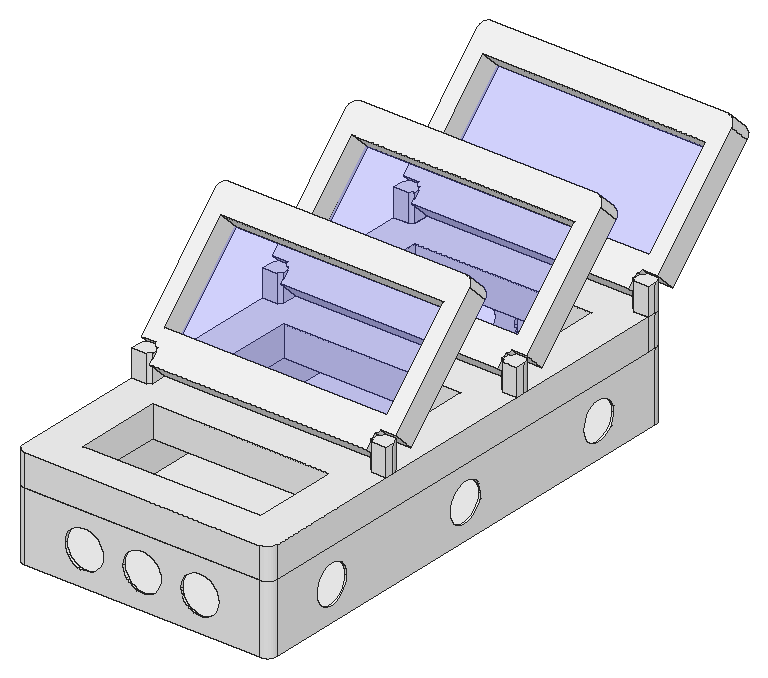
Revit family "Domotics-DomesticRanges-GEWISS-27COMBI_SYSTEM-IP55_4P+4P+4P", category Apparecchi elettrici, host Superficie, Revit 2016
Family settings
  Host = Superficie
  Mantenere orientamento annotazione = No
  Tipo di parte = Normale
  Quota connettore circolare = Usa diametro
  Numero OmniClass = 23.80.30.14.24
  Titolo OmniClass = Junction Boxes
  Taglio con vuoti quando caricato = Sì
  Condiviso = No
  Punto di calcolo locali = No
Parameters (values of type "GW27052 - 4x3 gangs vertical")
  Version file RFA = "19.4"
  URL = "https://www.gewiss.com/ww/en"
  Type of knockout holes = "Removable with tool"
  Torque screws tightening = "0,8NM"
  Thermo-pressure with ball = "70 °C"
  Technical sheet = "https://www.gewiss.com/ww/en/search?q=GW27052"
  Standard; = "EN 60670-1"
  Shock resistance = "IK07"
  SPORTELLO APERTO [instance] = yes
  SEO = "Enclosure"
  Realized by GEWISS S.p.A. = ""
  Produttore = "GEWISS S.p.A."
  Outer dim. LxHxD (mm) = "132x258x65"
  No. knockout holes Ã˜23 = "12 on sides / 3 on the bottom"
  No. SYSTEM modules = "12 gang"
  Modello = "GW27052"
  Lid screws = "Stainless steel"
  Insulation class = "II"
  Installation temperature = "-25 +60 °C"
  IP degree = "IP55"
  IFC.TypeObject = ""
  IFC.ExportType = ""
  IFC.ExportAs = ""
  Default Elevation = 1219.2 mm
  Immagine tipo = gw27052.jpg
  IDT = "0a04f310-36c8-4a12-9b19-e0defbfe409f"
  IDF = "4dfec1eb-c3d6-461c-be4c-523bc2e34b7d"
  Glow Wire Test = "650°C"
  Electrocod = "0212"
  EAN code = "8011564055414"
  Door type = "With membrane"
  Door colour: = "Transparent"
  Descrizione = "VERT.12(3X4) GANG ENCLOSURE IP55"
  Description: = "12 gang"
  Configuration = "Module 4 x 3"
  Compartment pre-arrangement = "3"
  Colour = "Grey RAL 7035"
  Catalogue Range = "27COMBI"
  Catalogue = "DOMOTICS"
  COBie.Tagnumber = ""
  COBie.CreatedOn = ""
  COBie.CreatebBy = ""
  COBie.ComponentRegisterItemID = ""
  COBie.Component.TagNumber = ""
  COBie.Component.Space = ""
  COBie.Component.SerialNumber = ""
  COBie.Component.InstallationDate = ""
  COBie.Component.Description = ""
  COBie.Component.BarCode = ""
Reference planes
  plane 1 "Centro (Fronte/Retro)": y = 0
  plane 2: z = 0
  plane 3 "Centro (Sinistra/Destra)": x = 0
  plane 4: x = -66
  plane 5: x = 66
  plane 6: z = 66
  plane 7: y = -170
  plane 8: y = 85
Lines and regions (mm)
  Masking region 1
    outline origin (0, 0, 0) x (1, 0, 0) y (0, 0, 1)
      loop
        line (-66, 0) -> (66, 0) -> (66, 66) -> (-66, 66) -> (-66, 0)
  Masking region 2
    outline origin (0, 0, 0) x (0, 1, 0) y (0, 0, 1)
      loop
        line (-170, 0) -> (85, 0) -> (85, 66) -> (-170, 66) -> (-170, 0)
  Masking region 3, detail levels medium+fine
    outline origin (0, 0, 0) x (1, 0, 0) y (0, 0, 1)
      loop
        circle (0, 18) r 10
  Masking region 4, detail levels medium+fine
    outline origin (0, 42.5, 3.713) x (0, 1, 0) y (0, 0, 1)
      loop
        circle (0, 13.287) r 10
  Masking region 5, detail levels medium+fine
    outline origin (0, -42.5, 3.713) x (0, -1, 0) y (0, 0, 1)
      loop
        circle (0, 13.287) r 10
  Masking region 6, detail levels medium+fine
    outline origin (30, 0, 0) x (1, 0, 0) y (0, 0, 1)
      loop
        circle (0, 18) r 10
  Masking region 7, detail levels medium+fine
    outline origin (-30, 0, 0) x (-1, 0, 0) y (0, 0, 1)
      loop
        circle (0, 18) r 10
  Masking region 8, detail levels medium+fine
    outline origin (0, -127.5, 3.713) x (0, -1, 0) y (0, 0, 1)
      loop
        circle (0, 13.287) r 10
Dimensions and locks
  equal spacing: plane 4, plane 3 "Centro (Sinistra/Destra)", plane 5
  locked: plane 4 to plane 5 at 132
  locked: plane 6 to host face at 66
  locked: plane 7 to plane 8 at 255
  aligned and locked: plane 2 to host face
  aligned and locked: level to host face
  aligned and locked: Masking region 1 sketch curve to level
  aligned and locked: plane 5 to Masking region 1 sketch curve
  aligned and locked: plane 6 to Masking region 1
  aligned and locked: Masking region 1 to plane 4
  aligned and locked: Masking region 2 sketch curve to level
  aligned and locked: plane 6 to Masking region 2 sketch curve
  aligned and locked: Masking region 2 to plane 7
Automatic sketch dimensions
  host sketch curve to host sketch curve = 2438.4 mm  (x2)
  Masking region 1 sketch curve to plane 4 = 0 mm
  Masking region 1 sketch curve to plane 6 = 0 mm
  Masking region 2 sketch curve to plane 7 = 0 mm
  Masking region 2 sketch curve to plane 8 = 0 mm
  Masking region 3 sketch curve to plane 3 "Centro (Sinistra/Destra)" = 0 mm
  level to Masking region 3 sketch curve = 18 mm
  level to Masking region 4 sketch curve = 17 mm
  Masking region 4 sketch curve to plane 1 "Centro (Fronte/Retro)" = 42.5 mm
  level to Masking region 5 sketch curve = 17 mm
  plane 1 "Centro (Fronte/Retro)" to Masking region 5 sketch curve = 42.5 mm
  plane 3 "Centro (Sinistra/Destra)" to Masking region 6 sketch curve = 30 mm
  level to Masking region 6 sketch curve = 18 mm
  Masking region 7 sketch curve to plane 3 "Centro (Sinistra/Destra)" = 30 mm
  level to Masking region 7 sketch curve = 18 mm
  level to Masking region 8 sketch curve = 17 mm
  plane 7 to Masking region 8 sketch curve = 42.5 mm
  radius of Masking region 3 sketch curve = 10 mm
  radius of Masking region 4 sketch curve = 10 mm
  radius of Masking region 5 sketch curve = 10 mm
  radius of Masking region 6 sketch curve = 10 mm
  radius of Masking region 7 sketch curve = 10 mm
  radius of Masking region 8 sketch curve = 10 mm
Nested families
  nested 1: "SYSTEM COMBI CONTENITORI IP55 4+4+4P_BASE" at (0, 60, 0), Sportello aperto <- "SPORTELLO APERTO", type "GW27051"
    with Sportello chiuso no, Sportello aperto yes
Definition of nested family "SYSTEM COMBI CONTENITORI IP55 4+4+4P_BASE"
  Parameters (values of type "GW27052")
    VETRO = none
    Sportello chiuso [instance] = not(Sportello aperto)  # no
    Sportello aperto [instance] = yes
    Profondità scatola = 36 mm
    Offset bidimensionale = 60 mm
    Larghezza scatola = 132 mm
    SCATOLA = none
    Larghezza foro = 92 mm
    Dettaglio 4P = yes
    Default Elevation = 1219.2 mm
    Altezza scatola = 170 mm
    Altezza foro = 45 mm
  Types (2): name
    GW27052
    GW27051
  Reference planes
    plane 1 "Centro (Fronte/Retro)": y = 0
    plane 2: z = 0
    plane 3 "Centro (Sinistra/Destra)": x = 0
    plane 4: x = -66
    plane 5: x = 66
    plane 6 "1": y = 85
    plane 7: y = -85
    plane 8 "PIANO 1": z = 66
    plane 9: z = 36
    plane 10 "2": z = 2
    plane 11: z = 52
    plane 12: x = -46
    plane 13: x = 46
    plane 14: y = 64
    plane 15: y = 19
    plane 16: z = 18
    plane 17 "PIANO BIDIMENSIONALE": z = 60
    plane 18: y = 42.5
    plane 19: y = -170
  Forms (mm)
    Extrusion 1, solid, material <- "SCATOLA", detail levels medium+fine
      sketch origin (0, 0, 66) x (0, -1, 0) y (1, 0, 0)
        loop
          arc (-85, -61) -> (-83.536, -64.536) -> (-80, -66) r 5
          line (-80, -66) -> (165, -66)
          arc (165, -66) -> (168.536, -64.536) -> (170, -61) r 5
          line (170, -61) -> (170, 61)
          arc (170, 61) -> (168.536, 64.536) -> (165, 66) r 5
          line (165, 66) -> (-80, 66)
          arc (-80, 66) -> (-83.536, 64.536) -> (-85, 61) r 5
          line (-85, 61) -> (-85, -61)
      from -66 to -30
    Extrusion 2, void, detail levels medium+fine
      sketch origin (0, 0, 66) x (0, -1, 0) y (1, 0, 0)
        loop
          line (-84, 61) -> (-84, -61)
          arc (-84, -61) -> (-82.828, -63.828) -> (-80, -65) r 4
          line (-80, -65) -> (165, -65)
          arc (165, -65) -> (167.828, -63.828) -> (169, -61) r 4
          line (169, -61) -> (169, 61)
          arc (169, 61) -> (167.828, 63.828) -> (165, 65) r 4
          line (165, 65) -> (-80, 65)
          arc (-80, 65) -> (-82.828, 63.828) -> (-84, 61) r 4
      from -64 to -30
    Extrusion 3, solid, material <- "SCATOLA", visible <- "Sportello chiuso", detail levels medium+fine
      sketch origin (0, 0, 66) x (0, -1, 0) y (1, 0, 0)
        loop
          line (-85, -56.414) -> (-77.415, -56.414)
          arc (-77.415, -56.414) -> (-76.861, -57.751) -> (-75.525, -58.304) r 1.89
          line (-75.525, -58.304) -> (-75.525, -66) -> (-5, -66)
          arc (-5, -66) -> (-1.464, -64.536) -> (0, -61) r 5
          line (0, -61) -> (0, 61)
          arc (0, 61) -> (-1.464, 64.536) -> (-5, 66) r 5
          line (-5, 66) -> (-75.525, 66) -> (-75.525, 58.304)
          arc (-75.525, 58.304) -> (-76.861, 57.751) -> (-77.415, 56.414) r 1.89
          line (-77.415, 56.414) -> (-85, 56.414) -> (-85, -56.414)
        loop
          line (-15.643, 57.717) -> (-67.357, 57.717) -> (-67.357, -57.717) -> (-15.643, -57.717) -> (-15.643, 57.717)
      from -14 to 0
    Extrusion 4, solid, material <- "SCATOLA", detail levels medium+fine
      sketch origin (0, 0, 66) x (0, -1, 0) y (1, 0, 0)
        loop
          line (-85, -56.414) -> (-77.415, -56.414)
          arc (-77.415, -56.414) -> (-76.861, -57.751) -> (-75.525, -58.304) r 1.89
          line (-75.525, -58.304) -> (-75.525, -66) -> (165, -66)
          arc (165, -66) -> (168.536, -64.536) -> (170, -61) r 5
          line (170, -61) -> (170, 61)
          arc (170, 61) -> (168.536, 64.536) -> (165, 66) r 5
          line (165, 66) -> (-75.525, 66) -> (-75.525, 58.304)
          arc (-75.525, 58.304) -> (-76.861, 57.751) -> (-77.415, 56.414) r 1.89
          line (-77.415, 56.414) -> (-85, 56.414) -> (-85, -56.414)
        loop
          line (-19, 46) -> (-64, 46) -> (-64, -46) -> (-19, -46) -> (-19, 46)
        loop
          line (21, 46) -> (21, -46) -> (66, -46) -> (66, 46) -> (21, 46)
        loop
          line (106, 46) -> (106, -46) -> (151, -46) -> (151, 46) -> (106, 46)
      from -30 to -14
    Extrusion 5, solid, material <- "SCATOLA", detail levels medium+fine
      sketch origin (0, 0, 66) x (0, -1, 0) y (1, 0, 0)
        loop
          arc (-85, -61) -> (-83.536, -64.536) -> (-80, -66) r 5
          line (-80, -66) -> (-75.525, -66) -> (-75.525, -58.304)
          arc (-75.525, -58.304) -> (-76.861, -57.751) -> (-77.415, -56.414) r 1.89
          line (-77.415, -56.414) -> (-85, -56.414) -> (-85, -61)
      from -14 to 0
    Extrusion 6, solid, material <- "SCATOLA", detail levels medium+fine
      sketch origin (0, 0, 66) x (0, -1, 0) y (1, 0, 0)
        loop
          line (-85, 61) -> (-85, 56.414) -> (-77.415, 56.414)
          arc (-77.415, 56.414) -> (-76.861, 57.751) -> (-75.525, 58.304) r 1.89
          line (-75.525, 58.304) -> (-75.525, 66) -> (-80, 66)
          arc (-80, 66) -> (-83.536, 64.536) -> (-85, 61) r 5
      from -14 to 0
    Extrusion 7, solid, material <- "VETRO", visible <- "Sportello chiuso", detail levels medium+fine
      sketch origin (0, 0, 66) x (0, -1, 0) y (1, 0, 0)
        loop
          line (-67.357, -57.717) -> (-15.643, -57.717) -> (-15.643, 57.717) -> (-67.357, 57.717) -> (-67.357, -57.717)
      from -6 to 0
    Extrusion 8, solid, material <- "SCATOLA", visible <- "Sportello aperto", detail levels medium+fine
      sketch origin (0, 113.991, 80.991) x (0, 0.707107, 0.707107) y (1, 0, 0)
        loop
          line (-41, -56.414) -> (-33.415, -56.414)
          arc (-33.415, -56.414) -> (-32.861, -57.751) -> (-31.525, -58.304) r 1.89
          line (-31.525, -58.304) -> (-31.525, -66) -> (36, -66)
          arc (36, -66) -> (39.536, -64.536) -> (41, -61) r 5
          line (41, -61) -> (41, 61)
          arc (41, 61) -> (39.536, 64.536) -> (36, 66) r 5
          line (36, 66) -> (-31.525, 66) -> (-31.525, 58.304)
          arc (-31.525, 58.304) -> (-32.861, 57.751) -> (-33.415, 56.414) r 1.89
          line (-33.415, 56.414) -> (-41, 56.414) -> (-41, -56.414)
        loop
          line (26.857, 57.717) -> (-24.857, 57.717) -> (-24.857, -57.717) -> (26.857, -57.717) -> (26.857, 57.717)
      from -14 to 0
    Extrusion 9, solid, material <- "VETRO", visible <- "Sportello aperto", detail levels medium+fine
      sketch origin (0, 113.991, 80.991) x (0, 0.707107, 0.707107) y (1, 0, 0)
        loop
          line (-24.857, -57.717) -> (26.857, -57.717) -> (26.857, 57.717) -> (-24.857, 57.717) -> (-24.857, -57.717)
      from -1.5 to 0
    Extrusion 10, solid, material <- "SCATOLA", visible <- "Sportello aperto", not visible
      sketch origin (210, 0, -63.711) x (0, -1, 0) y (1, 0, 0)
        loop
          line (-41, -56.414) -> (-33.415, -56.414)
          arc (-33.415, -56.414) -> (-32.861, -57.751) -> (-31.525, -58.304) r 1.89
          line (-31.525, -58.304) -> (-31.525, -66) -> (36, -66)
          arc (36, -66) -> (39.536, -64.536) -> (41, -61) r 5
          line (41, -61) -> (41, 61)
          arc (41, 61) -> (39.536, 64.536) -> (36, 66) r 5
          line (36, 66) -> (-31.525, 66) -> (-31.525, 58.304)
          arc (-31.525, 58.304) -> (-32.861, 57.751) -> (-33.415, 56.414) r 1.89
          line (-33.415, 56.414) -> (-41, 56.414) -> (-41, -56.414)
        loop
          line (26.857, 57.717) -> (-24.857, 57.717) -> (-24.857, -57.717) -> (26.857, -57.717) -> (26.857, 57.717)
      from -14 to 0
    Extrusion 11, solid, material <- "VETRO", visible <- "Sportello aperto", not visible
      sketch origin (210, 0, -63.711) x (0, -1, 0) y (1, 0, 0)
        loop
          line (-24.857, -57.717) -> (26.857, -57.717) -> (26.857, 57.717) -> (-24.857, 57.717) -> (-24.857, -57.717)
      from -1.5 to 0
    Extrusion 12, solid, material <- "SCATOLA", detail levels fine
      sketch origin (0, 85, 0) x (-1, 0, 0) y (0, 0, 1)
        loop
          circle (0, 18) r 13
      from 5 to 3
    Extrusion 13, solid, material <- "SCATOLA", detail levels fine
      sketch origin (0, 85, 0) x (-1, 0, 0) y (0, 0, 1)
        loop
          circle (0, 18) r 10
      from 8 to 6
    Extrusion 14, solid, material <- "SCATOLA", detail levels fine
      sketch origin (0, 85, 0) x (-1, 0, 0) y (0, 0, 1)
        loop
          circle (0, 18) r 3
      from 0 to 6
    Extrusion 15, solid, material <- "SCATOLA", detail levels medium+fine
      sketch origin (0, 0, 0) x (1, 0, 0) y (0, 1, 0)
        loop
          line (-56.414, 77.415) -> (-56.414, 85) -> (-61, 85)
          arc (-61, 85) -> (-64.536, 83.536) -> (-66, 80) r 5
          line (-66, 80) -> (-66, 75.525) -> (-58.304, 75.525)
          arc (-58.304, 75.525) -> (-57.751, 76.861) -> (-56.414, 77.415) r 1.89
        loop
          arc (56.414, 77.415) -> (57.751, 76.861) -> (58.304, 75.525) r 1.89
          line (58.304, 75.525) -> (66, 75.525) -> (66, 80)
          arc (66, 80) -> (64.536, 83.536) -> (61, 85) r 5
          line (61, 85) -> (56.414, 85) -> (56.414, 77.415)
      from 36 to 52
    Extrusion 16, void, detail levels medium+fine
      sketch origin (0, 0, 0) x (1, 0, 0) y (0, 0, 1)
        loop
          circle (0, 18) r 10
      from 170 to 169
    Extrusion 17, void, detail levels medium+fine
      sketch origin (0, 44.408, 0) x (1, 0, 0) y (0, 0, -1)
        loop
          circle (0, -18) r 10
      from 39.592 to 40.592
    Extrusion 18, solid, material <- "SCATOLA", visible <- "Sportello aperto", detail levels medium+fine
      sketch origin (0, 28.991, 80.991) x (0, 0.707107, 0.707107) y (1, 0, 0)
        loop
          line (-41, -56.414) -> (-33.415, -56.414)
          arc (-33.415, -56.414) -> (-32.861, -57.751) -> (-31.525, -58.304) r 1.89
          line (-31.525, -58.304) -> (-31.525, -66) -> (36, -66)
          arc (36, -66) -> (39.536, -64.536) -> (41, -61) r 5
          line (41, -61) -> (41, 61)
          arc (41, 61) -> (39.536, 64.536) -> (36, 66) r 5
          line (36, 66) -> (-31.525, 66) -> (-31.525, 58.304)
          arc (-31.525, 58.304) -> (-32.861, 57.751) -> (-33.415, 56.414) r 1.89
          line (-33.415, 56.414) -> (-41, 56.414) -> (-41, -56.414)
        loop
          line (26.857, 57.717) -> (-24.857, 57.717) -> (-24.857, -57.717) -> (26.857, -57.717) -> (26.857, 57.717)
      from -14 to 0
    Extrusion 19, solid, material <- "VETRO", visible <- "Sportello aperto", detail levels medium+fine
      sketch origin (0, 28.991, 80.991) x (0, 0.707107, 0.707107) y (1, 0, 0)
        loop
          line (-24.857, -57.717) -> (26.857, -57.717) -> (26.857, 57.717) -> (-24.857, 57.717) -> (-24.857, -57.717)
      from -1.5 to 0
    Extrusion 20, solid, material <- "SCATOLA", visible <- "Sportello chiuso", detail levels medium+fine
      sketch origin (0, -85, 66) x (0, -1, 0) y (1, 0, 0)
        loop
          line (-85, -56.414) -> (-77.415, -56.414)
          arc (-77.415, -56.414) -> (-76.861, -57.751) -> (-75.525, -58.304) r 1.89
          line (-75.525, -58.304) -> (-75.525, -66) -> (-5, -66)
          arc (-5, -66) -> (-1.464, -64.536) -> (0, -61) r 5
          line (0, -61) -> (0, 61)
          arc (0, 61) -> (-1.464, 64.536) -> (-5, 66) r 5
          line (-5, 66) -> (-75.525, 66) -> (-75.525, 58.304)
          arc (-75.525, 58.304) -> (-76.861, 57.751) -> (-77.415, 56.414) r 1.89
          line (-77.415, 56.414) -> (-85, 56.414) -> (-85, -56.414)
        loop
          line (-15.643, 57.717) -> (-67.357, 57.717) -> (-67.357, -57.717) -> (-15.643, -57.717) -> (-15.643, 57.717)
      from -14 to 0
    Extrusion 21, solid, material <- "VETRO", visible <- "Sportello chiuso", detail levels medium+fine
      sketch origin (0, -85, 66) x (0, -1, 0) y (1, 0, 0)
        loop
          line (-67.357, -57.717) -> (-15.643, -57.717) -> (-15.643, 57.717) -> (-67.357, 57.717) -> (-67.357, -57.717)
      from -6 to 0
    Extrusion 22, void, detail levels medium+fine
      sketch origin (-30, 0, 0) x (1, 0, 0) y (0, 0, 1)
        loop
          circle (0, 18) r 10
        loop
          circle (60, 18) r 10
      from -85 to 170
    Extrusion 23, solid, material <- "SCATOLA", detail levels medium+fine
      sketch origin (0, -85, 66) x (0, -1, 0) y (1, 0, 0)
        loop
          arc (-85, -61) -> (-83.536, -64.536) -> (-80, -66) r 5
          line (-80, -66) -> (-75.525, -66) -> (-75.525, -58.304)
          arc (-75.525, -58.304) -> (-76.861, -57.751) -> (-77.415, -56.414) r 1.89
          line (-77.415, -56.414) -> (-85, -56.414) -> (-85, -61)
      from -14 to 0
    Extrusion 24, solid, material <- "SCATOLA", detail levels medium+fine
      sketch origin (0, -85, 66) x (0, -1, 0) y (1, 0, 0)
        loop
          line (-85, 61) -> (-85, 56.414) -> (-77.415, 56.414)
          arc (-77.415, 56.414) -> (-76.861, 57.751) -> (-75.525, 58.304) r 1.89
          line (-75.525, 58.304) -> (-75.525, 66) -> (-80, 66)
          arc (-80, 66) -> (-83.536, 64.536) -> (-85, 61) r 5
      from -14 to 0
    Extrusion 25, solid, material <- "SCATOLA", visible <- "Sportello chiuso", detail levels medium+fine
      sketch origin (0, -170, 66) x (0, -1, 0) y (1, 0, 0)
        loop
          line (-85, -56.414) -> (-77.415, -56.414)
          arc (-77.415, -56.414) -> (-76.861, -57.751) -> (-75.525, -58.304) r 1.89
          line (-75.525, -58.304) -> (-75.525, -66) -> (-5, -66)
          arc (-5, -66) -> (-1.464, -64.536) -> (0, -61) r 5
          line (0, -61) -> (0, 61)
          arc (0, 61) -> (-1.464, 64.536) -> (-5, 66) r 5
          line (-5, 66) -> (-75.525, 66) -> (-75.525, 58.304)
          arc (-75.525, 58.304) -> (-76.861, 57.751) -> (-77.415, 56.414) r 1.89
          line (-77.415, 56.414) -> (-85, 56.414) -> (-85, -56.414)
        loop
          line (-15.643, 57.717) -> (-67.357, 57.717) -> (-67.357, -57.717) -> (-15.643, -57.717) -> (-15.643, 57.717)
      from -14 to 0
    Extrusion 26, solid, material <- "VETRO", visible <- "Sportello chiuso", detail levels medium+fine
      sketch origin (0, -170, 66) x (0, -1, 0) y (1, 0, 0)
        loop
          line (-67.357, -57.717) -> (-15.643, -57.717) -> (-15.643, 57.717) -> (-67.357, 57.717) -> (-67.357, -57.717)
      from -6 to 0
    Extrusion 27, solid, material <- "SCATOLA", detail levels medium+fine
      sketch origin (0, -170, 66) x (0, -1, 0) y (1, 0, 0)
        loop
          arc (-85, -61) -> (-83.536, -64.536) -> (-80, -66) r 5
          line (-80, -66) -> (-75.525, -66) -> (-75.525, -58.304)
          arc (-75.525, -58.304) -> (-76.861, -57.751) -> (-77.415, -56.414) r 1.89
          line (-77.415, -56.414) -> (-85, -56.414) -> (-85, -61)
      from -14 to 0
    Extrusion 28, solid, material <- "SCATOLA", detail levels medium+fine
      sketch origin (0, -170, 66) x (0, -1, 0) y (1, 0, 0)
        loop
          line (-85, 61) -> (-85, 56.414) -> (-77.415, 56.414)
          arc (-77.415, 56.414) -> (-76.861, 57.751) -> (-75.525, 58.304) r 1.89
          line (-75.525, 58.304) -> (-75.525, 66) -> (-80, 66)
          arc (-80, 66) -> (-83.536, 64.536) -> (-85, 61) r 5
      from -14 to 0
    Extrusion 29, solid, material <- "SCATOLA", visible <- "Sportello aperto", detail levels medium+fine
      sketch origin (0, -56.009, 80.991) x (0, 0.707107, 0.707107) y (1, 0, 0)
        loop
          line (-41, -56.414) -> (-33.415, -56.414)
          arc (-33.415, -56.414) -> (-32.861, -57.751) -> (-31.525, -58.304) r 1.89
          line (-31.525, -58.304) -> (-31.525, -66) -> (36, -66)
          arc (36, -66) -> (39.536, -64.536) -> (41, -61) r 5
          line (41, -61) -> (41, 61)
          arc (41, 61) -> (39.536, 64.536) -> (36, 66) r 5
          line (36, 66) -> (-31.525, 66) -> (-31.525, 58.304)
          arc (-31.525, 58.304) -> (-32.861, 57.751) -> (-33.415, 56.414) r 1.89
          line (-33.415, 56.414) -> (-41, 56.414) -> (-41, -56.414)
        loop
          line (26.857, 57.717) -> (-24.857, 57.717) -> (-24.857, -57.717) -> (26.857, -57.717) -> (26.857, 57.717)
      from -14 to 0
    Extrusion 30, void, detail levels medium+fine
      sketch origin (0, -129.738, 0) x (0, -1, 0) y (0, 0, -1)
        loop
          circle (0, -18) r 10
        loop
          circle (-86.5, -18) r 10
        loop
          circle (-173, -18) r 10
      from -66 to 66
    Extrusion 31, solid, material <- "VETRO", visible <- "Sportello aperto", detail levels medium+fine
      sketch origin (0, -56.009, 80.991) x (0, 0.707107, 0.707107) y (1, 0, 0)
        loop
          line (-24.857, -57.717) -> (26.857, -57.717) -> (26.857, 57.717) -> (-24.857, 57.717) -> (-24.857, -57.717)
      from -1.5 to 0
    Extrusion 32, solid, material <- "SCATOLA", detail levels coarse
      sketch origin (0, 0, 0) x (1, 0, 0) y (0, 1, 0)
        loop
          line (-66, 85) -> (-66, -170) -> (66, -170) -> (66, 85) -> (-66, 85)
      from 0 to 66
  Cuts and joins
    Extrusion 2, Extrusion 16, Extrusion 17, Extrusion 22, Extrusion 30 cuts Extrusion 1
  Lines and regions (mm)
    Masking region 1
      outline origin (0, 0, 2) x (0, -1, 0) y (1, 0, 0)
        loop
          line (-5, 66) -> (-80, 66)
          arc (-80, 66) -> (-83.536, 64.536) -> (-85, 61) r 5
          line (-85, 61) -> (-85, -61)
          arc (-85, -61) -> (-83.536, -64.536) -> (-80, -66) r 5
          line (-80, -66) -> (-5, -66)
          arc (-5, -66) -> (-1.464, -64.536) -> (0, -61) r 5
          line (0, -61) -> (0, 61)
          arc (0, 61) -> (-1.464, 64.536) -> (-5, 66) r 5
        loop
          line (-19, 46) -> (-64, 46) -> (-64, -46) -> (-19, -46) -> (-19, 46)
    Masking region 2
      outline origin (0, 0, 2) x (0, -1, 0) y (1, 0, 0)
        loop
          line (-64, -46) -> (-19, -46) -> (-19, 46) -> (-64, 46) -> (-64, -46)
    Masking region 3
      outline origin (0, 0, 0) x (1, 0, 0) y (0, 1, 0)
        loop
          line (-66, 75.525) -> (-58.304, 75.525)
          arc (-58.304, 75.525) -> (-57.751, 76.861) -> (-56.414, 77.415) r 1.89
          line (-56.414, 77.415) -> (-56.414, 85) -> (-61, 85)
          arc (-61, 85) -> (-64.536, 83.536) -> (-66, 80) r 5
          line (-66, 80) -> (-66, 75.525)
        loop
          line (58.304, 75.525) -> (66, 75.525) -> (66, 80)
          arc (66, 80) -> (64.536, 83.536) -> (61, 85) r 5
          line (61, 85) -> (56.414, 85) -> (56.414, 77.415)
          arc (56.414, 77.415) -> (57.751, 76.861) -> (58.304, 75.525) r 1.89
        loop
          circle (-61, 80) r 2
        loop
          circle (61, 80) r 2
        loop
          line (-48, 0) -> (-46, 0) -> (-46, 2.753)
          arc (-46, 2.753) -> (-45.414, 4.167) -> (-44, 4.753) r 2
          line (-44, 4.753) -> (43.996, 4.753)
          arc (43.996, 4.753) -> (45.41, 4.167) -> (45.996, 2.753) r 2
          line (45.996, 2.753) -> (45.996, 0) -> (47.996, 0) -> (47.996, 4.753)
          arc (47.996, 4.753) -> (47.41, 6.167) -> (45.996, 6.753) r 2
          line (45.996, 6.753) -> (-46, 6.753)
          arc (-46, 6.753) -> (-47.414, 6.167) -> (-48, 4.753) r 2
          line (-48, 4.753) -> (-48, 0)
    Masking region 4
      outline origin (0, 0, 0) x (1, 0, 0) y (0, 1, 0)
        loop
          line (-57.717, 15.643) -> (57.717, 15.643) -> (57.717, 75.525)
          arc (57.717, 75.525) -> (57.336, 76.446) -> (56.414, 76.828) r 1.303
          line (56.414, 76.828) -> (-56.414, 76.828)
          arc (-56.414, 76.828) -> (-57.336, 76.446) -> (-57.717, 75.525) r 1.303
          line (-57.717, 75.525) -> (-57.717, 15.643)
        loop
          line (-46, 64) -> (-46, 19) -> (46, 19) -> (46, 64) -> (-46, 64)
    Masking region 5
      outline origin (0, -85, 2) x (0, -1, 0) y (1, 0, 0)
        loop
          line (-5, 66) -> (-80, 66)
          arc (-80, 66) -> (-83.536, 64.536) -> (-85, 61) r 5
          line (-85, 61) -> (-85, -61)
          arc (-85, -61) -> (-83.536, -64.536) -> (-80, -66) r 5
          line (-80, -66) -> (-5, -66)
          arc (-5, -66) -> (-1.464, -64.536) -> (0, -61) r 5
          line (0, -61) -> (0, 61)
          arc (0, 61) -> (-1.464, 64.536) -> (-5, 66) r 5
        loop
          line (-19, 46) -> (-64, 46) -> (-64, -46) -> (-19, -46) -> (-19, 46)
    Masking region 6
      outline origin (0, -85, 0) x (1, 0, 0) y (0, 1, 0)
        loop
          line (-66, 75.525) -> (-58.304, 75.525)
          arc (-58.304, 75.525) -> (-57.751, 76.861) -> (-56.414, 77.415) r 1.89
          line (-56.414, 77.415) -> (-56.414, 85) -> (-61, 85)
          arc (-61, 85) -> (-64.536, 83.536) -> (-66, 80) r 5
          line (-66, 80) -> (-66, 75.525)
        loop
          line (58.304, 75.525) -> (66, 75.525) -> (66, 80)
          arc (66, 80) -> (64.536, 83.536) -> (61, 85) r 5
          line (61, 85) -> (56.414, 85) -> (56.414, 77.415)
          arc (56.414, 77.415) -> (57.751, 76.861) -> (58.304, 75.525) r 1.89
        loop
          circle (-61, 80) r 2
        loop
          circle (61, 80) r 2
        loop
          line (-48, 0) -> (-46, 0) -> (-46, 2.753)
          arc (-46, 2.753) -> (-45.414, 4.167) -> (-44, 4.753) r 2
          line (-44, 4.753) -> (43.996, 4.753)
          arc (43.996, 4.753) -> (45.41, 4.167) -> (45.996, 2.753) r 2
          line (45.996, 2.753) -> (45.996, 0) -> (47.996, 0) -> (47.996, 4.753)
          arc (47.996, 4.753) -> (47.41, 6.167) -> (45.996, 6.753) r 2
          line (45.996, 6.753) -> (-46, 6.753)
          arc (-46, 6.753) -> (-47.414, 6.167) -> (-48, 4.753) r 2
          line (-48, 4.753) -> (-48, 0)
    Masking region 7
      outline origin (0, -85, 2) x (0, -1, 0) y (1, 0, 0)
        loop
          line (-64, -46) -> (-19, -46) -> (-19, 46) -> (-64, 46) -> (-64, -46)
    Masking region 8
      outline origin (0, -85, 0) x (1, 0, 0) y (0, 1, 0)
        loop
          line (-57.717, 15.643) -> (57.717, 15.643) -> (57.717, 75.525)
          arc (57.717, 75.525) -> (57.336, 76.446) -> (56.414, 76.828) r 1.303
          line (56.414, 76.828) -> (-56.414, 76.828)
          arc (-56.414, 76.828) -> (-57.336, 76.446) -> (-57.717, 75.525) r 1.303
          line (-57.717, 75.525) -> (-57.717, 15.643)
        loop
          line (-46, 64) -> (-46, 19) -> (46, 19) -> (46, 64) -> (-46, 64)
    Masking region 9
      outline origin (0, -170, 2) x (0, -1, 0) y (1, 0, 0)
        loop
          line (-5, 66) -> (-80, 66)
          arc (-80, 66) -> (-83.536, 64.536) -> (-85, 61) r 5
          line (-85, 61) -> (-85, -61)
          arc (-85, -61) -> (-83.536, -64.536) -> (-80, -66) r 5
          line (-80, -66) -> (-5, -66)
          arc (-5, -66) -> (-1.464, -64.536) -> (0, -61) r 5
          line (0, -61) -> (0, 61)
          arc (0, 61) -> (-1.464, 64.536) -> (-5, 66) r 5
        loop
          line (-19, 46) -> (-64, 46) -> (-64, -46) -> (-19, -46) -> (-19, 46)
    Masking region 10
      outline origin (0, -170, 0) x (1, 0, 0) y (0, 1, 0)
        loop
          line (-66, 75.525) -> (-58.304, 75.525)
          arc (-58.304, 75.525) -> (-57.751, 76.861) -> (-56.414, 77.415) r 1.89
          line (-56.414, 77.415) -> (-56.414, 85) -> (-61, 85)
          arc (-61, 85) -> (-64.536, 83.536) -> (-66, 80) r 5
          line (-66, 80) -> (-66, 75.525)
        loop
          line (58.304, 75.525) -> (66, 75.525) -> (66, 80)
          arc (66, 80) -> (64.536, 83.536) -> (61, 85) r 5
          line (61, 85) -> (56.414, 85) -> (56.414, 77.415)
          arc (56.414, 77.415) -> (57.751, 76.861) -> (58.304, 75.525) r 1.89
        loop
          circle (-61, 80) r 2
        loop
          circle (61, 80) r 2
        loop
          line (-48, 0) -> (-46, 0) -> (-46, 2.753)
          arc (-46, 2.753) -> (-45.414, 4.167) -> (-44, 4.753) r 2
          line (-44, 4.753) -> (43.996, 4.753)
          arc (43.996, 4.753) -> (45.41, 4.167) -> (45.996, 2.753) r 2
          line (45.996, 2.753) -> (45.996, 0) -> (47.996, 0) -> (47.996, 4.753)
          arc (47.996, 4.753) -> (47.41, 6.167) -> (45.996, 6.753) r 2
          line (45.996, 6.753) -> (-46, 6.753)
          arc (-46, 6.753) -> (-47.414, 6.167) -> (-48, 4.753) r 2
          line (-48, 4.753) -> (-48, 0)
    Masking region 11
      outline origin (0, -170, 2) x (0, -1, 0) y (1, 0, 0)
        loop
          line (-64, -46) -> (-19, -46) -> (-19, 46) -> (-64, 46) -> (-64, -46)
    Masking region 12
      outline origin (0, -170, 0) x (1, 0, 0) y (0, 1, 0)
        loop
          line (-57.717, 15.643) -> (57.717, 15.643) -> (57.717, 75.525)
          arc (57.717, 75.525) -> (57.336, 76.446) -> (56.414, 76.828) r 1.303
          line (56.414, 76.828) -> (-56.414, 76.828)
          arc (-56.414, 76.828) -> (-57.336, 76.446) -> (-57.717, 75.525) r 1.303
          line (-57.717, 75.525) -> (-57.717, 15.643)
        loop
          line (-46, 64) -> (-46, 19) -> (46, 19) -> (46, 64) -> (-46, 64)
    symbolic lines
      curve 1: line (66, 80, 0) -> (66, 5, 0)
      curve 2: arc (61, 85, 0) -> (64.536, 83.536, 0) -> (66, 80, 0) r 5
      curve 3: line (-61, 85, 0) -> (61, 85, 0)
      curve 4: arc (-61, 85, 0) -> (-64.536, 83.536, 0) -> (-66, 80, 0) r 5
      curve 5: line (-66, 5, 0) -> (-66, 80, 0)
      curve 6: line (57.717, 15.643, 0) -> (-57.717, 15.643, 0)
      curve 7: line (57.717, 75.525, 0) -> (57.717, 15.643, 0)
      curve 8: line (-57.717, 15.643, 0) -> (-57.717, 75.525, 0)
      curve 9: line (-57.717, 67.357, 0) -> (57.717, 67.357, 0)
      curve 10: arc (-56.414, 76.828, 0) -> (-57.336, 76.446, 0) -> (-57.717, 75.525, 0) r 1.303
      curve 11: line (-56.414, 76.828, 0) -> (56.414, 76.828, 0)
      curve 12: arc (56.414, 76.828, 0) -> (57.336, 76.446, 0) -> (57.717, 75.525, 0) r 1.303
      curve 13: line (66, 75.525, 0) -> (58.304, 75.525, 0)
      curve 14: arc (56.414, 77.415, 0) -> (57.751, 76.861, 0) -> (58.304, 75.525, 0) r 1.89
      curve 15: line (56.414, 85, 0) -> (56.414, 77.415, 0)
      curve 16: line (-56.414, 77.415, 0) -> (56.414, 77.415, 0)
      curve 17: line (-66, 75.525, 0) -> (-58.304, 75.525, 0)
      curve 18: arc (-56.414, 77.415, 0) -> (-57.751, 76.861, 0) -> (-58.304, 75.525, 0) r 1.89
      curve 19: line (-56.414, 85, 0) -> (-56.414, 77.415, 0)
      curve 20: circle (-61, 80, 0) r 2 normal (0, 0, 1)
      curve 21: line (-59.172, 80.81, 0) -> (-62.472, 78.646, 0)
      curve 22: line (-62.912, 79.413, 0) -> (-59.7, 81.52, 0)
      curve 23: line (62.912, 79.413, 0) -> (59.7, 81.52, 0)
      curve 24: line (59.108, 80.647, 0) -> (62.348, 78.523, 0)
      curve 25: circle (61, 80, 0) r 2 normal (0, 0, -1)
      curve 26: line (-46, 64, 0) -> (46, 64, 0)
      curve 27: line (-46, 19, 0) -> (-46, 64, 0)
      curve 28: line (46, 19, 0) -> (-46, 19, 0)
      curve 29: line (46, 64, 0) -> (46, 19, 0)
      curve 30: arc (66, 5, 0) -> (64.536, 1.464, 0) -> (61, 0, 0) r 5
      curve 31: arc (-61, 0, 0) -> (-64.536, 1.464, 0) -> (-66, 5, 0) r 5
      curve 32: line (61, 0, 0) -> (-61, 0, 0)
      curve 33: line (-58, 0, 0) -> (-58, 4.753, 0)
      curve 34: line (-56, 0, 0) -> (-56, 2.753, 0)
      curve 35: arc (-54, 4.753, 0) -> (-55.414, 4.167, 0) -> (-56, 2.753, 0) r 2
      curve 36: arc (-56, 6.753, 0) -> (-57.414, 6.167, 0) -> (-58, 4.753, 0) r 2
      curve 37: line (-56, 6.753, 0) -> (-8.093, 6.753, 0)
      curve 38: line (-54, 4.753, 0) -> (-10.093, 4.753, 0)
      curve 39: line (56, 6.753, 0) -> (8.093, 6.753, 0)
      curve 40: line (54, 4.753, 0) -> (10.093, 4.753, 0)
      curve 41: arc (54, 4.753, 0) -> (55.459, 4.121, 0) -> (55.996, 2.624, 0) r 2
      curve 42: arc (56, 6.753, 0) -> (57.459, 6.121, 0) -> (57.996, 4.624, 0) r 2
      curve 43: line (56, 0, 0) -> (56, 2.753, 0)
      curve 44: line (58, 0, 0) -> (58, 4.753, 0)
      curve 45: line (-58, 0, 0) -> (-58, 4.753, 0)
      curve 46: line (-56, 0, 0) -> (-56, 2.753, 0)
      curve 47: arc (-56, 6.753, 0) -> (-57.414, 6.167, 0) -> (-58, 4.753, 0) r 2
      curve 48: arc (-54, 4.753, 0) -> (-55.414, 4.167, 0) -> (-56, 2.753, 0) r 2
      curve 49: line (-54, 4.753, 0) -> (54, 4.753, 0)
      curve 50: line (-56, 6.753, 0) -> (56, 6.753, 0)
      curve 51: arc (55.996, 2.753, 0) -> (55.41, 4.167, 0) -> (53.996, 4.753, 0) r 2
      curve 52: arc (57.996, 4.753, 0) -> (57.41, 6.167, 0) -> (55.996, 6.753, 0) r 2
      curve 53: line (57.996, 0, 0) -> (57.996, 4.624, 0)
      curve 54: line (55.996, 0, 0) -> (55.996, 2.624, 0)
      curve 55: line (66, -5, 0) -> (66, -80, 0)
      curve 56: arc (61, 0, 0) -> (64.536, -1.464, 0) -> (66, -5, 0) r 5
      curve 57: arc (-61, 0, 0) -> (-64.536, -1.464, 0) -> (-66, -5, 0) r 5
      curve 58: line (-66, -80, 0) -> (-66, -5, 0)
      curve 59: line (57.717, -69.357, 0) -> (-57.717, -69.357, 0)
      curve 60: line (57.717, -9.475, 0) -> (57.717, -69.357, 0)
      curve 61: line (-57.717, -69.357, 0) -> (-57.717, -9.475, 0)
      curve 62: line (-57.717, -17.643, 0) -> (57.717, -17.643, 0)
      curve 63: arc (-56.414, -8.172, 0) -> (-57.336, -8.554, 0) -> (-57.717, -9.475, 0) r 1.303
      curve 64: line (-56.414, -8.172, 0) -> (56.414, -8.172, 0)
      curve 65: arc (56.414, -8.172, 0) -> (57.336, -8.554, 0) -> (57.717, -9.475, 0) r 1.303
      curve 66: line (66, -9.475, 0) -> (58.304, -9.475, 0)
      curve 67: arc (56.414, -7.585, 0) -> (57.751, -8.139, 0) -> (58.304, -9.475, 0) r 1.89
      curve 68: line (56.414, 0, 0) -> (56.414, -7.585, 0)
      curve 69: line (-56.414, -7.585, 0) -> (56.414, -7.585, 0)
      curve 70: line (-66, -9.475, 0) -> (-58.304, -9.475, 0)
      curve 71: arc (-56.414, -7.585, 0) -> (-57.751, -8.139, 0) -> (-58.304, -9.475, 0) r 1.89
      curve 72: line (-56.414, 0, 0) -> (-56.414, -7.585, 0)
      curve 73: circle (-61, -5, 0) r 2 normal (0, 0, 1)
      curve 74: line (-59.172, -4.19, 0) -> (-62.472, -6.354, 0)
      curve 75: line (-62.912, -5.587, 0) -> (-59.7, -3.48, 0)
      curve 76: line (62.912, -5.587, 0) -> (59.7, -3.48, 0)
      curve 77: line (59.108, -4.353, 0) -> (62.348, -6.477, 0)
      curve 78: circle (61, -5, 0) r 2 normal (0, 0, -1)
      curve 79: line (-46, -21, 0) -> (46, -21, 0)
      curve 80: line (-46, -66, 0) -> (-46, -21, 0)
      curve 81: line (46, -66, 0) -> (-46, -66, 0)
      curve 82: line (46, -21, 0) -> (46, -66, 0)
      curve 83: arc (66, -80, 0) -> (64.536, -83.536, 0) -> (61, -85, 0) r 5
      curve 84: arc (-61, -85, 0) -> (-64.536, -83.536, 0) -> (-66, -80, 0) r 5
      curve 85: line (61, -85, 0) -> (-61, -85, 0)
      curve 86: line (-58, -85, 0) -> (-58, -80.247, 0)
      curve 87: line (-56, -85, 0) -> (-56, -82.247, 0)
      curve 88: arc (-54, -80.247, 0) -> (-55.414, -80.833, 0) -> (-56, -82.247, 0) r 2
      curve 89: arc (-56, -78.247, 0) -> (-57.414, -78.833, 0) -> (-58, -80.247, 0) r 2
      curve 90: line (-56, -78.247, 0) -> (-8.093, -78.247, 0)
      curve 91: line (-54, -80.247, 0) -> (-10.093, -80.247, 0)
      curve 92: line (56, -78.247, 0) -> (8.093, -78.247, 0)
      curve 93: line (53.996, -80.247, 0) -> (10.093, -80.247, 0)
      curve 94: arc (54, -80.247, 0) -> (55.414, -80.833, 0) -> (56, -82.247, 0) r 2
      curve 95: arc (56, -78.247, 0) -> (57.459, -78.879, 0) -> (57.996, -80.376, 0) r 2
      curve 96: line (56, -85, 0) -> (56, -82.247, 0)
      curve 97: line (58, -85, 0) -> (58, -80.247, 0)
      curve 98: line (-58, -85, 0) -> (-58, -80.247, 0)
      curve 99: line (-56, -85, 0) -> (-56, -82.247, 0)
      curve 100: arc (-56, -78.247, 0) -> (-57.414, -78.833, 0) -> (-58, -80.247, 0) r 2
      curve 101: arc (-54, -80.247, 0) -> (-55.414, -80.833, 0) -> (-56, -82.247, 0) r 2
      curve 102: line (-54, -80.247, 0) -> (53.996, -80.247, 0)
      curve 103: line (-56, -78.247, 0) -> (56, -78.247, 0)
      curve 104: arc (55.996, -82.247, 0) -> (55.41, -80.833, 0) -> (53.996, -80.247, 0) r 2
      curve 105: arc (57.996, -80.247, 0) -> (57.41, -78.833, 0) -> (55.996, -78.247, 0) r 2
      curve 106: line (57.996, -85, 0) -> (57.996, -80.376, 0)
      curve 107: line (55.996, -85, 0) -> (55.996, -82.247, 0)
      curve 108: line (66, -90, 0) -> (66, -165, 0)
      curve 109: arc (61, -85, 0) -> (64.536, -86.464, 0) -> (66, -90, 0) r 5
      curve 110: line (-61, -85, 0) -> (61, -85, 0)
      curve 111: arc (-61, -85, 0) -> (-64.536, -86.464, 0) -> (-66, -90, 0) r 5
      curve 112: line (-66, -165, 0) -> (-66, -90, 0)
      curve 113: line (57.717, -154.357, 0) -> (-57.717, -154.357, 0)
      curve 114: line (57.717, -94.475, 0) -> (57.717, -154.357, 0)
      curve 115: line (-57.717, -154.357, 0) -> (-57.717, -94.475, 0)
      curve 116: line (-57.717, -102.643, 0) -> (57.717, -102.643, 0)
      curve 117: arc (-56.414, -93.172, 0) -> (-57.336, -93.554, 0) -> (-57.717, -94.475, 0) r 1.303
      curve 118: line (-56.414, -93.172, 0) -> (56.414, -93.172, 0)
      curve 119: arc (56.414, -93.172, 0) -> (57.336, -93.554, 0) -> (57.717, -94.475, 0) r 1.303
      curve 120: line (66, -94.475, 0) -> (58.304, -94.475, 0)
      curve 121: arc (56.414, -92.585, 0) -> (57.751, -93.139, 0) -> (58.304, -94.475, 0) r 1.89
      curve 122: line (56.414, -85, 0) -> (56.414, -92.585, 0)
      curve 123: line (-56.414, -92.585, 0) -> (56.414, -92.585, 0)
      curve 124: line (-66, -94.475, 0) -> (-58.304, -94.475, 0)
      curve 125: arc (-56.414, -92.585, 0) -> (-57.751, -93.139, 0) -> (-58.304, -94.475, 0) r 1.89
      curve 126: line (-56.414, -85, 0) -> (-56.414, -92.585, 0)
      curve 127: circle (-61, -90, 0) r 2 normal (0, 0, 1)
      curve 128: line (-59.172, -89.19, 0) -> (-62.472, -91.354, 0)
      curve 129: line (-62.912, -90.587, 0) -> (-59.7, -88.48, 0)
      curve 130: line (62.912, -90.587, 0) -> (59.7, -88.48, 0)
      curve 131: line (59.108, -89.353, 0) -> (62.348, -91.477, 0)
      curve 132: circle (61, -90, 0) r 2 normal (0, 0, -1)
      curve 133: line (-46, -106, 0) -> (46, -106, 0)
      curve 134: line (-46, -151, 0) -> (-46, -106, 0)
      curve 135: line (46, -151, 0) -> (-46, -151, 0)
      curve 136: line (46, -106, 0) -> (46, -151, 0)
      curve 137: arc (66, -165, 0) -> (64.536, -168.536, 0) -> (61, -170, 0) r 5
      curve 138: arc (-61, -170, 0) -> (-64.536, -168.536, 0) -> (-66, -165, 0) r 5
      curve 139: line (61, -170, 0) -> (-61, -170, 0)
      curve 140: line (-58, -170, 0) -> (-58, -165.247, 0)
      curve 141: line (-56, -170, 0) -> (-56, -167.247, 0)
      curve 142: arc (-54, -165.247, 0) -> (-55.414, -165.833, 0) -> (-56, -167.247, 0) r 2
      curve 143: arc (-56, -163.247, 0) -> (-57.414, -163.833, 0) -> (-58, -165.247, 0) r 2
      curve 144: line (-56, -163.247, 0) -> (-8.093, -163.247, 0)
      curve 145: line (-54, -165.247, 0) -> (-10.093, -165.247, 0)
      curve 146: line (56, -163.247, 0) -> (8.093, -163.247, 0)
      curve 147: line (53.996, -165.247, 0) -> (10.093, -165.247, 0)
      curve 148: arc (54, -165.247, 0) -> (55.459, -165.879, 0) -> (55.996, -167.376, 0) r 2
      curve 149: arc (56, -163.247, 0) -> (57.459, -163.879, 0) -> (57.996, -165.376, 0) r 2
      curve 150: line (56, -170, 0) -> (56, -167.247, 0)
      curve 151: line (58, -170, 0) -> (58, -165.247, 0)
      curve 152: line (-58, -170, 0) -> (-58, -165.247, 0)
      curve 153: line (-56, -170, 0) -> (-56, -167.247, 0)
      curve 154: arc (-56, -163.247, 0) -> (-57.414, -163.833, 0) -> (-58, -165.247, 0) r 2
      curve 155: arc (-54, -165.247, 0) -> (-55.414, -165.833, 0) -> (-56, -167.247, 0) r 2
      curve 156: line (-54, -165.247, 0) -> (53.996, -165.247, 0)
      curve 157: line (-56, -163.247, 0) -> (56, -163.247, 0)
      curve 158: arc (55.996, -167.247, 0) -> (55.41, -165.833, 0) -> (53.996, -165.247, 0) r 2
      curve 159: arc (57.996, -165.247, 0) -> (57.41, -163.833, 0) -> (55.996, -163.247, 0) r 2
      curve 160: line (57.996, -170, 0) -> (57.996, -165.376, 0)
      curve 161: line (55.996, -170, 0) -> (55.996, -167.376, 0)
  Dimensions and locks
    equal spacing: plane 4, plane 3 "Centro (Sinistra/Destra)", plane 5
    "Altezza scatola": plane 6 "1" to plane 7
    "Larghezza scatola": plane 4 to plane 5
    "Profondità scatola": plane 9 to level
    plane 8 "PIANO 1" to plane 11 = 14 mm
    "Altezza foro": plane 15 to plane 14
    "Larghezza foro": plane 12 to plane 13
    equal spacing: plane 12, plane 3 "Centro (Sinistra/Destra)", plane 13
    equal spacing: level, plane 16, plane 9
    "Offset bidimensionale": plane 17 "PIANO BIDIMENSIONALE" to plane 2
    equal spacing: plane 1 "Centro (Fronte/Retro)", plane 18, plane 6 "1"
    equal spacing: plane 6 "1", plane 1 "Centro (Fronte/Retro)", plane 7, plane 19
    aligned and locked: level to plane 2
    aligned and locked: Extrusion 1 sketch curve to plane 6 "1"
    aligned and locked: plane 4 to Extrusion 1 sketch curve
    aligned and locked: Extrusion 1 sketch curve to plane 5
    aligned and locked: Extrusion 1 to level
    aligned and locked: Extrusion 2 to plane 10 "2"
    aligned and locked: plane 9 to Extrusion 2
    aligned and locked: plane 9 to Extrusion 1
    aligned and locked: Extrusion 3 sketch curve to plane 4
    aligned and locked: plane 6 "1" to Extrusion 3 sketch curve
    aligned and locked: plane 5 to Extrusion 3 sketch curve
    aligned and locked: plane 8 "PIANO 1" to Extrusion 3
    aligned and locked: Extrusion 3 to plane 11
    aligned and locked: Extrusion 4 to Extrusion 3
    aligned and locked: Extrusion 4 to plane 9
    aligned and locked: cut or joined group of Extrusion 1, Extrusion 2, Extrusion 16, Extrusion 17, Extrusion 22, Extrusion 30 to Extrusion 5 sketch curve
    aligned and locked: Extrusion 5 sketch curve to cut or joined group of Extrusion 1, Extrusion 2, Extrusion 16, Extrusion 17, Extrusion 22, Extrusion 30
    aligned and locked: Extrusion 5 to Extrusion 3
    aligned and locked: plane 5 to Extrusion 6
    aligned and locked: Extrusion 7 sketch curve to Extrusion 3  (x2)
    aligned and locked: plane 8 "PIANO 1" to Extrusion 7
    aligned and locked: Extrusion 8 to Extrusion 9 sketch curve
    aligned and locked: Extrusion 9 sketch curve to Extrusion 8
    aligned and locked: Extrusion 11 sketch curve to Extrusion 10  (x2)
    aligned and locked: Extrusion 8 to plane 4
    aligned and locked: Extrusion 9 to Extrusion 8  (x2)
    aligned and locked: Extrusion 11 to Extrusion 10  (x2)
    aligned and locked: plane 4 to Extrusion 8 sketch curve
    aligned and locked: Extrusion 8 sketch curve to plane 5
    aligned and locked: plane 14 to Extrusion 4 sketch curve
    aligned and locked: Extrusion 4 sketch curve to plane 15
    aligned and locked: plane 12 to Extrusion 4 sketch curve
    aligned and locked: Extrusion 4 sketch curve to plane 13
    aligned and locked: Extrusion 14 to Extrusion 13
    aligned and locked: Extrusion 6 to Extrusion 4
    aligned and locked: Extrusion 5 to Extrusion 4
    aligned and locked: Extrusion 15 to Extrusion 3
    aligned and locked: Extrusion 15 to cut or joined group of Extrusion 1, Extrusion 2, Extrusion 16, Extrusion 17, Extrusion 22, Extrusion 30
    aligned and locked: Extrusion 15 sketch curve to Extrusion 4
    aligned and locked: Masking region 3 sketch curve to Extrusion 15  (x4)
    aligned and locked: Masking region 3 sketch curve to Extrusion 6  (x4)
    aligned and locked: Extrusion 17 to Extrusion 2
    aligned and locked: plane 6 "1" to Extrusion 17
    aligned and locked: Extrusion 8 to Extrusion 9
    aligned and locked: plane 1 "Centro (Fronte/Retro)" to Extrusion 3 sketch curve
    aligned and locked: Extrusion 18 to Extrusion 19 sketch curve
    aligned and locked: Extrusion 19 sketch curve to Extrusion 18
    aligned and locked: Extrusion 19 to Extrusion 18  (x2)
    aligned and locked: Extrusion 18 to Extrusion 19
    aligned and locked: Extrusion 21 sketch curve to Extrusion 20  (x2)
    aligned and locked: plane 6 "1" to Extrusion 22
    aligned and locked: Extrusion 26 sketch curve to Extrusion 25  (x2)
    aligned and locked: plane 19 to Extrusion 25
    aligned and locked: plane 19 to Extrusion 1 sketch curve
    aligned and locked: Extrusion 1 to Extrusion 16
    aligned and locked: Extrusion 16 to Extrusion 2
    aligned and locked: Extrusion 30 to plane 4
    aligned and locked: Extrusion 1 to Extrusion 22
    aligned and locked: Extrusion 32 sketch curve to plane 6 "1"
    aligned and locked: plane 19 to Extrusion 32 sketch curve
    aligned and locked: Extrusion 32 sketch curve to plane 5
    aligned and locked: plane 4 to Extrusion 32 sketch curve
    aligned and locked: plane 8 "PIANO 1" to Extrusion 32
    aligned and locked: Extrusion 32 to level
  Automatic sketch dimensions
    Extrusion 10 sketch curve to Extrusion 10 sketch curve = 7.585 mm  (x2)
    Extrusion 10 sketch curve to Extrusion 10 sketch curve = 1.89 mm  (x2)
    Extrusion 10 sketch curve to Extrusion 10 sketch curve = 6.668 mm
    Extrusion 10 sketch curve to Extrusion 10 sketch curve = 7.696 mm
    Extrusion 10 sketch curve to Extrusion 10 sketch curve = 0.587 mm  (x2)
    Extrusion 10 sketch curve to Extrusion 10 sketch curve = 112.829 mm
    Extrusion 10 sketch curve to Extrusion 10 sketch curve = 3.283 mm
    Extrusion 10 sketch curve to Extrusion 10 sketch curve = 51.714 mm
    Extrusion 10 sketch curve to Extrusion 10 sketch curve = 9.143 mm  (x2)
    Extrusion 10 sketch curve to Extrusion 10 sketch curve = 5 mm
    Extrusion 11 sketch curve to Extrusion 11 sketch curve = 51.714 mm
    Extrusion 12 sketch curve to plane 3 "Centro (Sinistra/Destra)" = 0 mm
    Extrusion 12 sketch curve to plane 16 = 0 mm
    Extrusion 13 sketch curve to plane 3 "Centro (Sinistra/Destra)" = 0 mm
    Extrusion 13 sketch curve to plane 16 = 0 mm
    Extrusion 14 sketch curve to plane 3 "Centro (Sinistra/Destra)" = 0 mm
    Extrusion 14 sketch curve to plane 16 = 0 mm
    Extrusion 16 sketch curve to plane 3 "Centro (Sinistra/Destra)" = 0 mm
    Extrusion 16 sketch curve to plane 16 = 0 mm
    Extrusion 17 sketch curve to plane 3 "Centro (Sinistra/Destra)" = 0 mm
    Extrusion 17 sketch curve to plane 16 = 0 mm
    Masking region 7 sketch curve to plane 13 = 0 mm
    Masking region 7 sketch curve to plane 12 = 0 mm
    plane 1 "Centro (Fronte/Retro)" to Masking region 7 sketch curve = 21 mm
    plane 7 to Masking region 7 sketch curve = 19 mm
    Extrusion 22 sketch curve to plane 16 = 0 mm  (x2)
    plane 12 to Extrusion 22 sketch curve = 16 mm
    Extrusion 22 sketch curve to plane 13 = 16 mm
    Extrusion 1 sketch curve to Extrusion 1 sketch curve = 5 mm  (x2)
    Extrusion 1 sketch curve to plane 5 = 5 mm  (x2)
    Extrusion 2 sketch curve to plane 6 "1" = 1 mm
    plane 4 to Extrusion 2 sketch curve = 1 mm
    Extrusion 2 sketch curve to plane 6 "1" = 5 mm
    Extrusion 2 sketch curve to Extrusion 2 sketch curve = 4 mm
    plane 19 to Extrusion 2 sketch curve = 5 mm  (x2)
    plane 19 to Extrusion 2 sketch curve = 1 mm
    Extrusion 2 sketch curve to plane 5 = 5 mm
    Extrusion 3 sketch curve to Extrusion 3 sketch curve = 7.585 mm  (x2)
    Extrusion 3 sketch curve to plane 6 "1" = 9.475 mm
    Extrusion 3 sketch curve to Extrusion 3 sketch curve = 1.89 mm
    Extrusion 3 sketch curve to plane 14 = 3.357 mm
    plane 15 to Extrusion 3 sketch curve = 3.357 mm
    Extrusion 3 sketch curve to plane 1 "Centro (Fronte/Retro)" = 5 mm
    Extrusion 3 sketch curve to Extrusion 3 sketch curve = 5 mm
    Extrusion 3 sketch curve to Extrusion 3 sketch curve = 7.696 mm
    Extrusion 3 sketch curve to Extrusion 3 sketch curve = 0.587 mm
    Extrusion 3 sketch curve to plane 5 = 9.586 mm
    Extrusion 3 sketch curve to plane 5 = 8.283 mm
    Extrusion 4 sketch curve to plane 6 "1" = 0 mm
    Extrusion 4 sketch curve to plane 4 = 0 mm
    Extrusion 4 sketch curve to plane 5 = 0 mm
    Extrusion 4 sketch curve to plane 12 = 0 mm  (x2)
    Extrusion 4 sketch curve to plane 13 = 0 mm  (x2)
    Extrusion 4 sketch curve to plane 19 = 0 mm
    Extrusion 4 sketch curve to Extrusion 4 sketch curve = 7.585 mm  (x2)
    Extrusion 4 sketch curve to Extrusion 4 sketch curve = 1.89 mm  (x2)
    plane 1 "Centro (Fronte/Retro)" to Extrusion 4 sketch curve = 21 mm
    plane 7 to Extrusion 4 sketch curve = 19 mm
    Extrusion 4 sketch curve to plane 7 = 21 mm
    plane 19 to Extrusion 4 sketch curve = 19 mm
    Extrusion 4 sketch curve to Extrusion 4 sketch curve = 5 mm
    Extrusion 4 sketch curve to plane 5 = 5 mm
    Extrusion 4 sketch curve to Extrusion 4 sketch curve = 7.696 mm
    Extrusion 4 sketch curve to plane 5 = 9.586 mm
    Extrusion 5 sketch curve to Extrusion 5 sketch curve = 5 mm
    Extrusion 5 sketch curve to Extrusion 5 sketch curve = 2.585 mm
    Extrusion 5 sketch curve to Extrusion 5 sketch curve = 1.89 mm
    Extrusion 5 sketch curve to Extrusion 5 sketch curve = 2.696 mm
    Extrusion 6 sketch curve to plane 6 "1" = 0 mm
    Extrusion 6 sketch curve to plane 5 = 0 mm
    plane 5 to Extrusion 6 sketch curve = 5 mm
    Extrusion 6 sketch curve to Extrusion 6 sketch curve = 2.585 mm
    Extrusion 6 sketch curve to Extrusion 6 sketch curve = 1.89 mm
    Extrusion 6 sketch curve to Extrusion 6 sketch curve = 2.696 mm
    Extrusion 7 sketch curve to plane 14 = 3.357 mm
    plane 15 to Extrusion 7 sketch curve = 3.357 mm
    plane 4 to Extrusion 8 sketch curve = 9.586 mm
    Extrusion 8 sketch curve to Extrusion 8 sketch curve = 7.585 mm  (x2)
    Extrusion 8 sketch curve to Extrusion 8 sketch curve = 1.89 mm  (x2)
    Extrusion 8 sketch curve to Extrusion 8 sketch curve = 6.668 mm
    Extrusion 8 sketch curve to plane 5 = 8.283 mm
    Extrusion 8 sketch curve to Extrusion 8 sketch curve = 51.714 mm
    Extrusion 8 sketch curve to Extrusion 8 sketch curve = 9.143 mm  (x2)
    Extrusion 8 sketch curve to plane 5 = 5 mm
    Extrusion 8 sketch curve to Extrusion 8 sketch curve = 0.587 mm
    Extrusion 8 sketch curve to plane 5 = 9.586 mm
    Extrusion 9 sketch curve to Extrusion 9 sketch curve = 51.714 mm
    Extrusion 15 sketch curve to plane 4 = 0 mm
    Extrusion 15 sketch curve to plane 6 "1" = 0 mm  (x2)
    Extrusion 15 sketch curve to plane 5 = 0 mm
    plane 4 to Extrusion 15 sketch curve = 5 mm
    Extrusion 15 sketch curve to Extrusion 15 sketch curve = 1.89 mm  (x2)
    Extrusion 15 sketch curve to Extrusion 15 sketch curve = 9.586 mm
    Extrusion 15 sketch curve to Extrusion 15 sketch curve = 4.586 mm
    Extrusion 15 sketch curve to Extrusion 15 sketch curve = 2.585 mm  (x2)
    Masking region 1 sketch curve to plane 6 "1" = 0 mm
    Masking region 1 sketch curve to plane 4 = 0 mm
    Masking region 1 sketch curve to plane 5 = 0 mm
    plane 1 "Centro (Fronte/Retro)" to Masking region 1 sketch curve = 0 mm
    Masking region 1 sketch curve to plane 6 "1" = 5 mm
    Masking region 1 sketch curve to Masking region 1 sketch curve = 5 mm
    Masking region 1 sketch curve to plane 1 "Centro (Fronte/Retro)" = 5 mm  (x2)
    Masking region 3 sketch curve to Masking region 3 sketch curve = 0 mm  (x4)
    plane 1 "Centro (Fronte/Retro)" to Masking region 3 sketch curve = 0 mm  (x2)
    Masking region 3 sketch curve to plane 12 = 0 mm  (x2)
    plane 4 to Masking region 3 sketch curve = 5 mm
    Masking region 3 sketch curve to Masking region 3 sketch curve = 1.89 mm  (x2)
    Masking region 3 sketch curve to Masking region 3 sketch curve = 2 mm  (x2)
    plane 12 to Masking region 3 sketch curve = 2 mm
    Masking region 3 sketch curve to plane 13 = 2.004 mm
    Masking region 3 sketch curve to plane 13 = 0.004 mm  (x2)
    plane 13 to Masking region 3 sketch curve = 1.996 mm
    Masking region 3 sketch curve to Masking region 3 sketch curve = 4.586 mm
    Masking region 3 sketch curve to plane 1 "Centro (Fronte/Retro)" = 2.753 mm
    Masking region 4 sketch curve to Masking region 4 sketch curve = 1.303 mm  (x2)
    plane 1 "Centro (Fronte/Retro)" to Masking region 5 sketch curve = 0 mm
    Masking region 5 sketch curve to plane 4 = 0 mm
    Masking region 5 sketch curve to plane 5 = 0 mm
    Masking region 5 sketch curve to plane 12 = 0 mm
    Masking region 5 sketch curve to plane 13 = 0 mm
    Masking region 5 sketch curve to plane 7 = 0 mm
    plane 1 "Centro (Fronte/Retro)" to Masking region 5 sketch curve = 5 mm
    Masking region 5 sketch curve to Masking region 5 sketch curve = 5 mm
    plane 1 "Centro (Fronte/Retro)" to Masking region 5 sketch curve = 21 mm
    plane 7 to Masking region 5 sketch curve = 19 mm
    plane 7 to Masking region 5 sketch curve = 5 mm  (x2)
    Masking region 6 sketch curve to Masking region 6 sketch curve = 0 mm  (x4)
    Masking region 6 sketch curve to plane 4 = 0 mm
    plane 1 "Centro (Fronte/Retro)" to Masking region 6 sketch curve = 0 mm  (x2)
    Masking region 6 sketch curve to plane 7 = 0 mm  (x2)
    Masking region 6 sketch curve to plane 12 = 0 mm  (x2)
    Masking region 6 sketch curve to plane 5 = 0 mm
    Masking region 6 sketch curve to Masking region 6 sketch curve = 5 mm
    Masking region 6 sketch curve to Masking region 6 sketch curve = 2.696 mm
    Masking region 6 sketch curve to Masking region 6 sketch curve = 1.89 mm  (x2)
    Masking region 6 sketch curve to Masking region 6 sketch curve = 2 mm  (x2)
    plane 12 to Masking region 6 sketch curve = 2 mm
    Masking region 6 sketch curve to plane 13 = 2.004 mm
    Masking region 6 sketch curve to plane 13 = 0.004 mm  (x2)
    plane 13 to Masking region 6 sketch curve = 1.996 mm
    Masking region 6 sketch curve to plane 5 = 9.586 mm
    Masking region 6 sketch curve to Masking region 6 sketch curve = 4.586 mm
    plane 7 to Masking region 6 sketch curve = 2.753 mm
    Masking region 6 sketch curve to Masking region 6 sketch curve = 4.475 mm  (x2)
    Extrusion 18 sketch curve to plane 4 = 0 mm
    Extrusion 18 sketch curve to plane 5 = 0 mm
    plane 4 to Extrusion 18 sketch curve = 9.586 mm
    Extrusion 18 sketch curve to Extrusion 18 sketch curve = 7.585 mm  (x2)
    Extrusion 18 sketch curve to Extrusion 18 sketch curve = 1.89 mm  (x2)
    Extrusion 18 sketch curve to Extrusion 18 sketch curve = 6.668 mm
    Extrusion 18 sketch curve to plane 5 = 8.283 mm
    Extrusion 18 sketch curve to Extrusion 18 sketch curve = 51.714 mm
    Extrusion 18 sketch curve to Extrusion 18 sketch curve = 9.143 mm  (x2)
    Extrusion 18 sketch curve to plane 5 = 5 mm
    Extrusion 18 sketch curve to Extrusion 18 sketch curve = 0.587 mm
    Extrusion 18 sketch curve to plane 5 = 9.586 mm
    Extrusion 19 sketch curve to Extrusion 19 sketch curve = 51.714 mm
    plane 1 "Centro (Fronte/Retro)" to Extrusion 20 sketch curve = 0 mm
    Extrusion 20 sketch curve to plane 4 = 0 mm
    Extrusion 20 sketch curve to plane 5 = 0 mm
    Extrusion 20 sketch curve to plane 7 = 0 mm
    Extrusion 20 sketch curve to Extrusion 20 sketch curve = 7.585 mm  (x2)
    plane 1 "Centro (Fronte/Retro)" to Extrusion 20 sketch curve = 9.475 mm
    Extrusion 20 sketch curve to Extrusion 20 sketch curve = 1.89 mm
    Extrusion 20 sketch curve to Extrusion 20 sketch curve = 8.168 mm
    plane 7 to Extrusion 20 sketch curve = 15.643 mm
    plane 7 to Extrusion 20 sketch curve = 5 mm
    Extrusion 20 sketch curve to plane 5 = 5 mm
    Extrusion 20 sketch curve to Extrusion 20 sketch curve = 7.696 mm
    Extrusion 20 sketch curve to Extrusion 20 sketch curve = 0.587 mm
    Extrusion 20 sketch curve to plane 5 = 9.586 mm
    Extrusion 20 sketch curve to plane 5 = 8.283 mm
